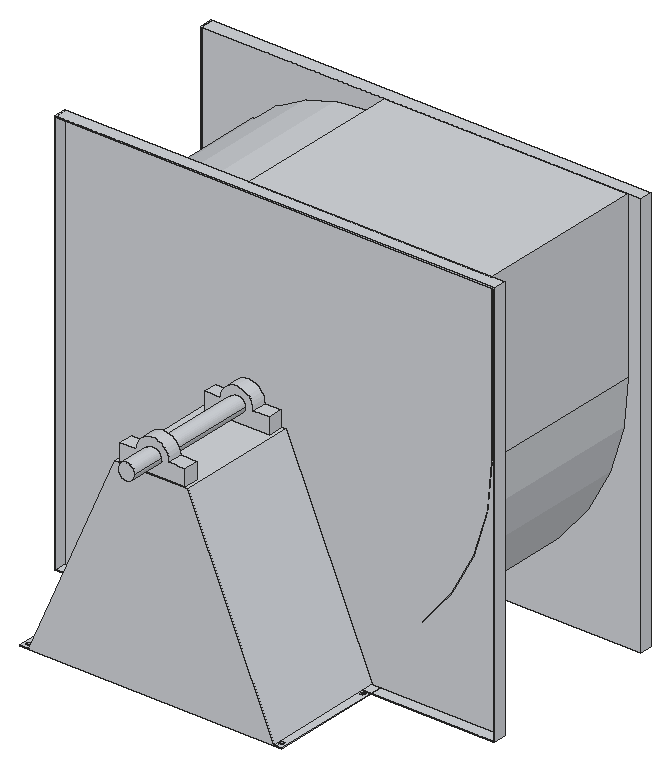
Revit family "CA-4_SWSI_ARR_1_CCW_UBD", category Mechanical Equipment, Revit 2019
Family settings
  Round Connector Dimension = Use Radius
  Part Type = Normal
  Work Plane-Based = No
  Always vertical = Yes
  Cut with Voids When Loaded = No
  Shared = No
  Room Calculation Point = No
Parameters (values of type "540_CA-4_SWSI_ARR_1_CCW_UBD_CLASS_3")
  S = 29"
  R = 44 3/4"
  P = 22 3/8"
  O/2 = O / 2  # 17/32"
  O = 1 1/16"
  ModelID [instance] = ""
  H = 46 1/2"
  E = 44 7/8"
  Accessories [instance] = ""
  ARR_1_U-D = ARR_1_U - D  # 34 3/8"
  ARR_1_K-D = ARR_1_K - D  # 27"
  ARR_1_J/2 = ARR_1_J / 2  # 1 31/32"
  ARR_1_J = 3 15/16"
  MOTOR_RAD = ARR_1_J * 3  # 11 13/16"
  M = 61 5/8"
  L = 9 1/2"
  K = 52 1/8"
  J = 3"
  INLET_RAD/2 = INLET_RAD / 2  # 15"
  INLET_RAD+1.5" = INLET_RAD + 1 1/2"  # 31 1/2"
  INLET_RAD = INLET_DIA / 2  # 30"
  INLET_DIA = 60"
  F-E = F - E  # 61 3/4"
  F/5 = F / 5  # 21.325"
  F = 106 5/8"
  G = 98 3/4"
  Unit Weight [instance] = ""
  Sones [instance] = ""
  Motor RPM [instance] = ""
  Motor Enclosure [instance] = ""
  LwA [instance] = ""
  Fan RPM [instance] = ""
  E-(INLET_RAD+1.5") = G - H - (INLET_RAD + 1 1/2")  # 20 3/4"
  E+(INLET_RAD+1.5") = G - H + (INLET_RAD + 1 1/2")  # 83 3/4"
  G-H = G - H  # 52 1/4"
  D-((D-B)/2) = D - ((D - B) / 2)  # 44 1/4"
  D = 47 1/4"
  B = 41 1/4"
  ARR_2_L-ARR_2_K = ARR_2_L - ARR_2_K  # 26 7/8"
  ARR_2_L = 34 3/8"
  ARR_2_K = 7 1/2"
  ARR_1_V = 7 1/2"
  ARR_1_U = 81 5/8"
  ARR_1_N = 24 9/16"
  ARR_1_M = 1 1/4"
  ARR_1_K = 74 1/4"
  ARR_1_H = 30 3/4"
  ARR_1_G = 31 3/4"
  A = 59 1/16"
  3" = 3"  # constant formula
  Brake Hp [instance] = ""
  4" = 4"  # constant formula
  2ARR_1_J+1" = ARR_1_J + ARR_1_J + 1"  # 8 7/8"
  2ARR_1_J = ARR_1_J + ARR_1_J  # 7 7/8"
  2' = 24"
  2" = 2"  # constant formula
  1" = 1"  # constant formula
  0 = 0"  # constant formula
  Voltage [instance] = 0 V
  URL = "www.lorencook.com"
  Type Comments = "Airfoil Centrifugal Blower Arrangement 1 Counter-Clockwise Up Blast Discharge"  # constant formula
  Static Pressure [instance] = 0.00 in-wg
  Power [instance] = Voltage * Motor FLA * sqrt(if(Phase = 3, 3, 1))  # 0 VA
  Phase [instance] = 0
  Number of Poles [instance] = 1
  Motor Hp [instance] = "0"
  Motor FLA [instance] = 0 A
  Model = "CA-4 SWSI ARR 1 CCW UBD CLASS 3"
  Manufacturer = "Loren Cook Company"
  CFM [instance] = 0 CFM
  1.5 = 1 1/2"  # constant formula
  ONE EIGTH = 1/8"  # constant formula
  -ARR_1_J = -ARR_1_J  # -3 15/16"
  -(ARR_2_L - ARR_2_K) = -(ARR_2_L - ARR_2_K)  # -26 7/8"
  -(((K-B)/2)-.125") = -(((K - B) / 2) - 1/8")  # -5 5/16"
  -(((D - B) / 2) - 1/8") = -(((D - B) / 2) - 1/8")  # -2 7/8"
  (R-B)/2 = (R - B) / 2  # 1 3/4"
  ((K-B)/2)+B = ((K - B) / 2) + B  # 46 11/16"
  (D-B)/2 = (D - B) / 2  # 3"
  -(((K-B)/2)+L) = -(((K - B) / 2) + L)  # -14 15/16"
  ((D-B)/2)-.125" = ((D - B) / 2) - 1/8"  # 2 7/8"
Reference planes (in)
  plane 1 "Center (Front/Back)": y = 0
  plane 2: z = 0
  plane 3 "Center (Left/Right)": x = 0.40541
Forms (in)
  Extrusion 1, solid
    sketch origin (0, 0, 0) x (1, 0, 0) y (0, 0, 1)
      loop
        line (-44.46959, 0) -> (62.15541, 0) -> (62.15541, 98.75) -> (-44.46959, 98.75) -> (-44.46959, 0)
    from 0 to 3 <- "(D-B)/2"
  Extrusion 2, solid
    sketch origin (0, 0, 0) x (1, 0, 0) y (0, 0, 1)
      loop
        line (-44.46959, 98.75) -> (-44.46959, 0) -> (62.15541, 0) -> (62.15541, 98.75) -> (-44.46959, 98.75)
    from 47.25 <- "D" to 44.25 <- "D-((D-B)/2)"
  Extrusion 3, void
    sketch origin (0, 0, 0) x (1, 0, 0) y (0, 0, 1)
      loop
        line (-44.34459, 98.625) -> (-44.34459, 0.125) -> (62.03041, 0.125) -> (62.03041, 98.625) -> (-44.34459, 98.625)
    from 0 to 2.875 <- "((D-B)/2)-.125""
  Extrusion 4, void
    sketch origin (0, -47.25, 0) x (-1, 0, 0) y (0, 0, 1)
      loop
        line (44.34459, 98.625) -> (-62.03041, 98.625) -> (-62.03041, 0.125) -> (44.34459, 0.125) -> (44.34459, 98.625)
    from 0 to 2.875 <- "((D-B)/2)-.125""
  Extrusion 5, solid
    sketch origin (0, -3, 0) x (1, 0, 0) y (0, 0, 1)
      loop
        line (0.09291, 94.8125) -> (-3.84459, 94.8125)
        arc (-3.84459, 94.8125) -> (-31.86369, 83.20661) -> (-43.46959, 55.1875) r 39.625
        line (-43.46959, 55.1875) -> (-43.46959, 43.875)
        arc (-43.46959, 43.875) -> (-30.91179, 13.5578) -> (-0.59459, 1) r 42.875
        line (-0.59459, 1) -> (1.40541, 1)
        arc (1.40541, 1) -> (42.24083, 17.91458) -> (59.15541, 58.75) r 57.75
        line (59.15541, 58.75) -> (59.15541, 98.75) -> (0.09291, 98.75) -> (0.09291, 94.8125)
    from 0 to 41.25 <- "B"
  Extrusion 6, solid
    sketch origin (0, -47.25, 0) x (1, 0, 0) y (0, 0, 1)
      loop
        circle (0.40541, 52.25) r 1.96875
    from -2.875 <- "-(((D - B) / 2) - 1/8")" to 34.375 <- "ARR_1_U-D"
  Extrusion 7, void
    sketch origin (0, 0, 0) x (1, 0, 0) y (0, 1, 0)
      loop
        circle (-28.59459, -1.25) r 0.53125
      loop
        circle (29.40541, -1.25) r 0.53125
      loop
        circle (29.40541, -46) r 0.53125
      loop
        circle (-28.59459, -46) r 0.53125
    from -0.25 to 0.25
  Revolve 8, void
    sketch origin (0.40541, 0, 0) x (0, 1, 0) y (0, 0, 1)
      loop
        arc (-2.875, 82.25) -> (-7.2684, 71.6434) -> (-17.875, 67.25) r 15
        line (-17.875, 67.25) -> (-17.875, 54.21875) -> (-2.875, 54.21875) -> (-2.875, 82.25)
      axis (-17.875, 52.25) -> (-2.875, 52.25)
    angle from 0 to 360
  Extrusion 9, solid
    sketch origin (0, -47.25, 0) x (1, 0, 0) y (0, 0, 1)
      loop
        line (-31.34459, 0) -> (32.15541, 0) -> (32.15541, 0.125) -> (30.15541, 0.125) -> (9.28041, 48.3125) -> (-8.46959, 48.3125) -> (-29.34459, 0.125) -> (-31.34459, 0.125) -> (-31.34459, 0)
    from -2.875 <- "-(((D - B) / 2) - 1/8")" to 27 <- "ARR_1_K-D"
  Extrusion 10, solid
    sketch origin (0, -74.25, 0) x (1, 0, 0) y (0, 0, 1)
      loop
        line (-7.46959, 48.3125) -> (8.28041, 48.3125) -> (8.28041, 52.25) -> (4.34291, 52.25)
        arc (4.34291, 52.25) -> (0.40541, 56.1875) -> (-3.53209, 52.25) r 3.9375
        line (-3.53209, 52.25) -> (-7.46959, 52.25) -> (-7.46959, 48.3125)
      loop
        circle (0.40541, 52.25) r 1.96875
    from -3.9375 <- "-ARR_1_J" to -0.5
  Extrusion 11, solid
    sketch origin (0, -44.25, 0) x (-1, 0, 0) y (0, 0, 1)
      loop
        line (7.46959, 52.25) -> (3.53209, 52.25)
        arc (3.53209, 52.25) -> (-0.40541, 56.1875) -> (-4.34291, 52.25) r 3.9375
        line (-4.34291, 52.25) -> (-8.28041, 52.25) -> (-8.28041, 48.3125) -> (7.46959, 48.3125) -> (7.46959, 52.25)
      loop
        circle (-0.40541, 52.25) r 1.96875
    from -0.5 to -3.9375 <- "-ARR_1_J"
  Extrusion 12, void
    sketch origin (0, 0, 0) x (1, 0, 0) y (0, 1, 0)
      loop
        circle (31.15541, -48.4375) r 0.53125
      loop
        circle (31.15541, -73) r 0.53125
      loop
        circle (-30.34459, -73) r 0.53125
      loop
        circle (-30.34459, -48.4375) r 0.53125
    from 0.25 to -0.25
Cuts and joins
  Extrusion 3, Extrusion 7, Revolve 8 cuts Extrusion 1
  Extrusion 4, Extrusion 7 cuts Extrusion 2
  Revolve 8 cuts Extrusion 5
  Extrusion 12 cuts Extrusion 9
Dimensions and locks (in)
  "0": Extrusion 1 sketch curve to level
  "G": Extrusion 1 sketch curve to Extrusion 1 sketch curve
  "F-E": Extrusion 1 sketch curve to plane 3 "Center (Left/Right)"
  "F": Extrusion 1 sketch curve to Extrusion 1 sketch curve
  "0": Extrusion 2 sketch curve to level
  "0": Extrusion 1 to Extrusion 2 sketch curve  (x2)
  "0": Extrusion 2 sketch curve to Extrusion 1
  "ONE EIGTH": Extrusion 2 to Extrusion 3 sketch curve  (x2)
  "ONE EIGTH": Extrusion 3 sketch curve to Extrusion 2
  "ONE EIGTH": Extrusion 3 sketch curve to level
  "ONE EIGTH": Extrusion 4 sketch curve to Extrusion 2  (x2)
  "ONE EIGTH": Extrusion 2 to Extrusion 4 sketch curve
  "ONE EIGTH": Extrusion 4 sketch curve to level
  "G-H": Extrusion 6 sketch curve to level
  "0": Extrusion 6 sketch curve to plane 3 "Center (Left/Right)"
  "S": Extrusion 7 sketch curve to plane 3 "Center (Left/Right)"  (x2)
  "S": plane 3 "Center (Left/Right)" to Extrusion 7 sketch curve  (x2)
  "(R-B)/2": cut or joined group of Extrusion 1, Extrusion 3, Extrusion 7, Revolve 8 to Extrusion 7 sketch curve  (x2)
  "(R-B)/2": cut or joined group of Extrusion 2, Extrusion 4, Extrusion 7 to Extrusion 7 sketch curve  (x2)
  "G-H": Revolve 8 sketch curve to level
  "ARR_1_J/2": Revolve 8 sketch curve to Revolve 8 sketch curve
  "INLET_RAD/2": Revolve 8 sketch curve to Revolve 8 sketch curve  (x2)
  "INLET_RAD": Revolve 8 sketch curve to Revolve 8 sketch curve
  "0": Revolve 8 sketch curve to cut or joined group of Extrusion 1, Extrusion 3, Extrusion 7, Revolve 8
  "ARR_1_G": Extrusion 9 sketch curve to plane 3 "Center (Left/Right)"
  "ARR_1_G": plane 3 "Center (Left/Right)" to Extrusion 9 sketch curve
  "2ARR_1_J+1"": Extrusion 9 sketch curve to plane 3 "Center (Left/Right)"
  "2ARR_1_J+1"": plane 3 "Center (Left/Right)" to Extrusion 9 sketch curve
  "2"": Extrusion 9 sketch curve to Extrusion 9 sketch curve  (x2)
  "0": Extrusion 9 sketch curve to level
  "ONE EIGTH": Extrusion 9 sketch curve to Extrusion 9 sketch curve  (x2)
  "ARR_1_J/2": Extrusion 6 to Extrusion 9 sketch curve
  "2ARR_1_J": Extrusion 10 sketch curve to plane 3 "Center (Left/Right)"
  "2ARR_1_J": plane 3 "Center (Left/Right)" to Extrusion 10 sketch curve
  "0": Extrusion 10 sketch curve to Extrusion 9
  "ARR_1_J": Extrusion 10 sketch curve to Extrusion 10 sketch curve
  "0": Extrusion 10 sketch curve to plane 3 "Center (Left/Right)"
  "0": plane 3 "Center (Left/Right)" to Extrusion 10 sketch curve
  "0": Extrusion 10 sketch curve to Extrusion 10 sketch curve
  "0": Extrusion 11 sketch curve to Extrusion 9
  "ARR_1_J": Extrusion 11 sketch curve to Extrusion 11 sketch curve  (x2)
  "0": Extrusion 11 sketch curve to Extrusion 11 sketch curve
  "2ARR_1_J": plane 3 "Center (Left/Right)" to Extrusion 11 sketch curve
  "2ARR_1_J": Extrusion 11 sketch curve to plane 3 "Center (Left/Right)"
  "0": Extrusion 11 sketch curve to plane 3 "Center (Left/Right)"
  "0": plane 3 "Center (Left/Right)" to Extrusion 11 sketch curve
  "0": Extrusion 11 sketch curve to Extrusion 10
  "ARR_1_H": plane 3 "Center (Left/Right)" to Extrusion 12 sketch curve  (x2)
  "ARR_1_H": Extrusion 12 sketch curve to plane 3 "Center (Left/Right)"  (x2)
  "ARR_1_M": Extrusion 9 to Extrusion 12 sketch curve  (x2)
  "ARR_1_N": Extrusion 12 sketch curve to Extrusion 12 sketch curve  (x2)
  "A": Extrusion 5 sketch curve to Extrusion 5 sketch curve
  "J": cut or joined group of Extrusion 2, Extrusion 4, Extrusion 7 to Extrusion 5 sketch curve
  "1"": Extrusion 5 sketch curve to cut or joined group of Extrusion 2, Extrusion 4, Extrusion 7
  "1"": Extrusion 5 sketch curve to level
  "ARR_1_J": Extrusion 5 sketch curve to Extrusion 5 sketch curve  (x2)
  "0": cut or joined group of Extrusion 2, Extrusion 4, Extrusion 7 to Extrusion 5 sketch curve
  "1"": Extrusion 5 sketch curve to plane 3 "Center (Left/Right)"
  "1"": plane 3 "Center (Left/Right)" to Extrusion 5 sketch curve
  "ARR_1_J/2": radius of Extrusion 6 sketch curve
  "O/2": radius of Extrusion 7 sketch curve  (x4)
  "ARR_1_J": radius of Extrusion 10 sketch curve
  "ARR_1_J/2": radius of Extrusion 10 sketch curve
  "ARR_1_J": radius of Extrusion 11 sketch curve
  "ARR_1_J/2": radius of Extrusion 11 sketch curve
  "O/2": radius of Extrusion 12 sketch curve  (x4)
Automatic sketch dimensions
  Revolve 8 sketch curve to Revolve 8 sketch curve = 53.38466"
  Revolve 8 sketch curve to plane 1 "Center (Front/Back)" = 17.32447"
Connectors (in)
  hvac at (0.40541, -3, 52.25), driven by "CFM", driven by "INLET_RAD"
    settings: on cut or joined group of Extrusion 1, Extrusion 3, Extrusion 7, Revolve 8, index 2, duct flow 0 CFM, flow factor 0, pres drop 0.00 in-wg, loss coef 0, conn angle 0.00°, conn width 12", conn height 12", conn diameter 60", duct sys type 29, conn prof type 0, flow config 0, flow direction 1, loss method 0, conn ref index -1, conn util no, is conn primary no, conn desc ""
  hvac at (29.62416, -23.625, 98.75), driven by "CFM", driven by "A", driven by "B"
    settings: on cut or joined group of Extrusion 5, Revolve 8, index 3, duct flow 0 CFM, flow factor 0, pres drop 0.00 in-wg, loss coef 0, conn angle 0.00°, conn width 41 1/4", conn height 59 1/16", conn diameter 24", duct sys type 29, conn prof type 1, flow config 0, flow direction 2, loss method 0, conn ref index -1, conn util no, is conn primary yes, conn desc ""
Types (55): name | S | R | P | O/2 | O | H | E | ARR_1_U-D | ARR_1_K-D | ARR_1_J/2 | ARR_1_J | MOTOR_RAD | M | L | K | J | INLET_RAD/2 | INLET_RAD+1.5" | INLET_RAD | INLET_DIA | F-E | F/5 | F | G | E-(INLET_RAD+1.5") | E+(INLET_RAD+1.5") | G-H | D-((D-B)/2) | D | B | ARR_2_L-ARR_2_K | ARR_2_L | ARR_2_K | ARR_1_V | ARR_1_U | ARR_1_N | ARR_1_M | ARR_1_K | ARR_1_H | ARR_1_G | A | 2ARR_1_J+1" | 2ARR_1_J | Model | -ARR_1_J | -(ARR_2_L - ARR_2_K) | -(((K-B)/2)-.125") | -(((D - B) / 2) - 1/8") | (R-B)/2 | ((K-B)/2)+B | (D-B)/2 | -(((K-B)/2)+L) | ((D-B)/2)-.125"
  (no name) | 29" | 44 3/4" | 22 3/8" | 17/32" | 1 1/16" | 46 1/2" | 44 7/8" | 34 3/8" | 27" | 1 31/32" | 3 15/16" | 11 13/16" | 61 5/8" | 9 1/2" | 52 1/8" | 3" | 15" | 31 1/2" | 30" | 60" | 61 3/4" | 21.325" | 106 5/8" | 98 3/4" | 20 3/4" | 83 3/4" | 52 1/4" | 44 1/4" | 47 1/4" | 41 1/4" | 26 7/8" | 34 3/8" | 7 1/2" | 7 1/2" | 81 5/8" | 24 9/16" | 1 1/4" | 74 1/4" | 30 3/4" | 31 3/4" | 59 1/16" | 8 7/8" | 7 7/8" | "CA-4 SWSI ARR 1 CCW UBD CLASS 3" | -3 15/16" | -26 7/8" | -5 5/16" | -2 7/8" | 1 3/4" | 46 11/16" | 3" | -14 15/16" | 2 7/8"
  120_CA-4_SWSI_ARR_1_CCW_UBD_CLASS_1 | 7 1/2" | 11 7/16" | 5 23/32" | 11/32" | 11/16" | 10 3/8" | 10 3/4" | 21 5/8" | 17 5/8" | 19/32" | 1 3/16" | 3 9/16" | 18 7/8" | 3" | 15 7/8" | 2" | 4 1/16" | 9 5/8" | 8 1/8" | 16 1/4" | 15" | 5.15" | 25 3/4" | 22 3/4" | 2 3/4" | 22" | 12 3/8" | 11 3/16" | 13 3/16" | 9 3/16" | 17 5/8" | 21 5/8" | 4" | 4" | 34 13/16" | 15 1/8" | 1" | 30 13/16" | 8 7/16" | 9 3/16" | 13 1/8" | 3 3/8" | 2 3/8" | "CA-4 SWSI ARR 1 CCW UBD CLASS 1" | -1 3/16" | -17 5/8" | -3 7/32" | -1 7/8" | 1 1/8" | 12 17/32" | 2" | -6 11/32" | 1 7/8"
  135_CA-4_SWSI_ARR_1_CCW_UBD_CLASS_1 | 8 1/2" | 12 9/16" | 6 9/32" | 11/32" | 11/16" | 11 5/8" | 12" | 21 5/8" | 17 5/8" | 19/32" | 1 3/16" | 3 9/16" | 20" | 3" | 17" | 2" | 4 7/16" | 10 3/8" | 8 7/8" | 17 3/4" | 16 3/4" | 5 3/4" | 28 3/4" | 25 1/2" | 3 1/2" | 24 1/4" | 13 7/8" | 12 5/16" | 14 5/16" | 10 5/16" | 17 5/8" | 21 5/8" | 4" | 4" | 35 15/16" | 15 1/8" | 1" | 31 15/16" | 9 3/16" | 9 15/16" | 14 3/4" | 3 3/8" | 2 3/8" | "CA-4 SWSI ARR 1 CCW UBD CLASS 1" | -1 3/16" | -17 5/8" | -3 7/32" | -1 7/8" | 1 1/8" | 13 21/32" | 2" | -6 11/32" | 1 7/8"
  150_CA-4_SWSI_ARR_1_CCW_UBD_CLASS_1 | 9" | 13 11/16" | 6 27/32" | 11/32" | 11/16" | 12 7/8" | 13 1/4" | 21 5/8" | 17 5/8" | 19/32" | 1 3/16" | 3 9/16" | 21 1/8" | 3" | 18 1/8" | 2" | 4 13/16" | 11 1/8" | 9 5/8" | 19 1/4" | 18 3/8" | 6.325" | 31 5/8" | 28 1/8" | 4 1/8" | 26 3/8" | 15 1/4" | 13 7/16" | 15 7/16" | 11 7/16" | 17 5/8" | 21 5/8" | 4" | 4" | 37 1/16" | 15 1/8" | 1" | 33 1/16" | 9 15/16" | 10 11/16" | 16 7/16" | 3 3/8" | 2 3/8" | "CA-4 SWSI ARR 1 CCW UBD CLASS 1" | -1 3/16" | -17 5/8" | -3 7/32" | -1 7/8" | 1 1/8" | 14 25/32" | 2" | -6 11/32" | 1 7/8"
  165_CA-4_SWSI_ARR_1_CCW_UBD_CLASS_1 | 10" | 14 7/8" | 7 7/16" | 11/32" | 11/16" | 14 1/4" | 14 3/8" | 21 5/8" | 17 5/8" | 19/32" | 1 3/16" | 3 9/16" | 23 15/16" | 4" | 19 5/16" | 2" | 5 5/16" | 12 1/8" | 10 5/8" | 21 1/4" | 20" | 6 7/8" | 34 3/8" | 30 7/8" | 4 1/2" | 28 3/4" | 16 5/8" | 14 5/8" | 16 5/8" | 12 5/8" | 17 5/8" | 21 5/8" | 4" | 4" | 38 1/4" | 15 1/8" | 1" | 34 1/4" | 10 15/16" | 11 11/16" | 18 1/16" | 3 3/8" | 2 3/8" | "CA-4 SWSI ARR 1 CCW UBD CLASS 1" | -1 3/16" | -17 5/8" | -3 7/32" | -1 7/8" | 1 1/8" | 15 31/32" | 2" | -7 11/32" | 1 7/8"
  180_CA-4_SWSI_ARR_1_CCW_UBD_CLASS_1 | 11" | 16" | 8" | 11/32" | 11/16" | 15 1/2" | 15 5/8" | 24 3/8" | 20 1/8" | 19/32" | 1 3/16" | 3 9/16" | 24 15/16" | 4 1/2" | 20 7/16" | 2" | 5 11/16" | 12 7/8" | 11 3/8" | 22 3/4" | 21 1/2" | 7.425" | 37 1/8" | 33 5/8" | 5 1/4" | 31" | 18 1/8" | 15 3/4" | 17 3/4" | 13 3/4" | 20 1/8" | 24 3/8" | 4 1/4" | 4 1/4" | 42 1/8" | 17 5/8" | 1" | 37 7/8" | 11 11/16" | 12 7/16" | 19 11/16" | 3 3/8" | 2 3/8" | "CA-4 SWSI ARR 1 CCW UBD CLASS 1" | -1 3/16" | -20 1/8" | -3 7/32" | -1 7/8" | 1 1/8" | 17 3/32" | 2" | -7 27/32" | 1 7/8"
  195_CA-4_SWSI_ARR_1_CCW_UBD_CLASS_1 | 11 1/2" | 17 3/16" | 8 19/32" | 11/32" | 11/16" | 16 3/4" | 16 3/4" | 24 3/8" | 20 1/8" | 19/32" | 1 3/16" | 3 9/16" | 27 3/16" | 4 1/2" | 22 11/16" | 2" | 6 1/16" | 13 5/8" | 12 1/8" | 24 1/4" | 23 1/4" | 8" | 40" | 36 1/4" | 5 7/8" | 33 1/8" | 19 1/2" | 16 15/16" | 18 15/16" | 14 15/16" | 20 1/8" | 24 3/8" | 4 1/4" | 4 1/4" | 43 5/16" | 17 5/8" | 1" | 39 1/16" | 12 7/16" | 13 3/16" | 21 5/16" | 3 3/8" | 2 3/8" | "CA-4 SWSI ARR 1 CCW UBD CLASS 1" | -1 3/16" | -20 1/8" | -3 3/4" | -1 7/8" | 1 1/8" | 18 13/16" | 2" | -8 3/8" | 1 7/8"
  210_CA-4_SWSI_ARR_1_CCW_UBD_CLASS_1 | 12" | 18 5/16" | 9 5/32" | 13/32" | 13/16" | 18 1/8" | 18" | 26 3/8" | 22 1/8" | 23/32" | 1 7/16" | 4 5/16" | 28 13/16" | 5" | 23 13/16" | 2" | 6 1/2" | 14 1/2" | 13" | 26" | 24 7/8" | 8.575" | 42 7/8" | 39 1/8" | 6 1/2" | 35 1/2" | 21" | 18 1/16" | 20 1/16" | 16 1/16" | 23 1/8" | 27 3/8" | 4 1/4" | 4 1/4" | 46 7/16" | 19 9/16" | 1" | 42 3/16" | 13 5/16" | 14 1/16" | 23" | 3 7/8" | 2 7/8" | "CA-4 SWSI ARR 1 CCW UBD CLASS 1" | -1 7/16" | -23 1/8" | -3 3/4" | -1 7/8" | 1 1/8" | 19 15/16" | 2" | -8 7/8" | 1 7/8"
  225_CA-4_SWSI_ARR_1_CCW_UBD_CLASS_1 | 12 1/2" | 19 7/16" | 9 23/32" | 13/32" | 13/16" | 19 3/8" | 19 1/4" | 26 3/8" | 22 1/8" | 23/32" | 1 7/16" | 4 5/16" | 29 15/16" | 5" | 24 15/16" | 2" | 6 7/8" | 15 1/4" | 13 3/4" | 27 1/2" | 26 1/2" | 9.15" | 45 3/4" | 41 3/4" | 7 1/8" | 37 5/8" | 22 3/8" | 19 3/16" | 21 3/16" | 17 3/16" | 23 1/8" | 27 3/8" | 4 1/4" | 4 1/4" | 47 9/16" | 19 9/16" | 1" | 43 5/16" | 14 1/16" | 14 13/16" | 24 5/8" | 3 7/8" | 2 7/8" | "CA-4 SWSI ARR 1 CCW UBD CLASS 1" | -1 7/16" | -23 1/8" | -3 3/4" | -1 7/8" | 1 1/8" | 21 1/16" | 2" | -8 7/8" | 1 7/8"
  245_CA-4_SWSI_ARR_1_CCW_UBD_CLASS_1 | 13 1/2" | 21" | 10 1/2" | 13/32" | 13/16" | 21 1/8" | 20 7/8" | 27 13/16" | 22 5/8" | 27/32" | 1 11/16" | 5 1/16" | 32" | 5 1/2" | 26 1/2" | 2" | 7 3/8" | 16 1/4" | 14 3/4" | 29 1/2" | 28 5/8" | 9.9" | 49 1/2" | 45 3/8" | 8" | 40 1/2" | 24 1/4" | 20 3/4" | 22 3/4" | 18 3/4" | 22 9/16" | 27 13/16" | 5 1/4" | 5 1/4" | 50 9/16" | 20 1/8" | 1" | 45 3/8" | 15 1/16" | 15 13/16" | 26 13/16" | 4 3/8" | 3 3/8" | "CA-4 SWSI ARR 1 CCW UBD CLASS 1" | -1 11/16" | -22 9/16" | -3 3/4" | -1 7/8" | 1 1/8" | 22 5/8" | 2" | -9 3/8" | 1 7/8"
  270_CA-4_SWSI_ARR_1_CCW_UBD_CLASS_1 | 15" | 22 7/8" | 11 7/16" | 13/32" | 13/16" | 23 1/4" | 23 3/8" | 27 13/16" | 22 5/8" | 27/32" | 1 11/16" | 5 1/16" | 34 3/8" | 6" | 28 3/8" | 2" | 8" | 17 1/2" | 16" | 32" | 31 3/8" | 10.95" | 54 3/4" | 49 7/8" | 9 1/8" | 44 1/8" | 26 5/8" | 22 5/8" | 24 5/8" | 20 5/8" | 22 9/16" | 27 13/16" | 5 1/4" | 5 1/4" | 52 7/16" | 20 1/8" | 1" | 47 1/4" | 16 7/16" | 17 3/16" | 29 9/16" | 4 3/8" | 3 3/8" | "CA-4 SWSI ARR 1 CCW UBD CLASS 1" | -1 11/16" | -22 9/16" | -3 3/4" | -1 7/8" | 1 1/8" | 24 1/2" | 2" | -9 7/8" | 1 7/8"
  300_CA-4_SWSI_ARR_1_CCW_UBD_CLASS_1 | 16 1/2" | 25 3/16" | 12 19/32" | 13/32" | 13/16" | 25 7/8" | 25 3/8" | 30 3/4" | 24 7/8" | 31/32" | 1 15/16" | 5 13/16" | 37 3/16" | 6 1/2" | 30 11/16" | 2" | 8 3/4" | 19" | 17 1/2" | 35" | 34 5/8" | 12" | 60" | 55 3/8" | 10 1/2" | 48 1/2" | 29 1/2" | 24 15/16" | 26 15/16" | 22 15/16" | 24 7/8" | 30 3/4" | 5 7/8" | 5 7/8" | 57 11/16" | 22 3/8" | 1" | 51 13/16" | 17 15/16" | 18 11/16" | 32 13/16" | 4 7/8" | 3 7/8" | "CA-4 SWSI ARR 1 CCW UBD CLASS 1" | -1 15/16" | -24 7/8" | -3 3/4" | -1 7/8" | 1 1/8" | 26 13/16" | 2" | -10 3/8" | 1 7/8"
  330_CA-4_SWSI_ARR_1_CCW_UBD_CLASS_1 | 18" | 27 1/2" | 13 3/4" | 13/32" | 13/16" | 28 3/8" | 27 7/8" | 30 3/4" | 24 7/8" | 31/32" | 1 15/16" | 5 13/16" | 40" | 7" | 33" | 2" | 9 1/2" | 20 1/2" | 19" | 38" | 37 7/8" | 13.15" | 65 3/4" | 60 3/4" | 11 7/8" | 52 7/8" | 32 3/8" | 27 1/4" | 29 1/4" | 25 1/4" | 24 7/8" | 30 3/4" | 5 7/8" | 5 7/8" | 60" | 22 3/8" | 1" | 54 1/8" | 19 7/16" | 20 3/16" | 36 1/8" | 4 7/8" | 3 7/8" | "CA-4 SWSI ARR 1 CCW UBD CLASS 1" | -1 15/16" | -24 7/8" | -3 3/4" | -1 7/8" | 1 1/8" | 29 1/8" | 2" | -10 7/8" | 1 7/8"
  365_CA-4_SWSI_ARR_1_CCW_UBD_CLASS_1 | 20" | 30 1/8" | 15 1/16" | 13/32" | 13/16" | 31 3/8" | 30 5/8" | 33" | 27 1/8" | 1 3/32" | 2 3/16" | 6 9/16" | 43 1/8" | 7 1/2" | 35 5/8" | 2" | 10 3/8" | 22 1/4" | 20 3/4" | 41 1/2" | 41 3/4" | 14.475" | 72 3/8" | 67" | 13 3/8" | 57 7/8" | 35 5/8" | 29 7/8" | 31 7/8" | 27 7/8" | 27 1/8" | 33" | 5 7/8" | 5 7/8" | 64 7/8" | 24 5/8" | 1" | 59" | 21 11/16" | 22 7/16" | 39 15/16" | 5 3/8" | 4 3/8" | "CA-4 SWSI ARR 1 CCW UBD CLASS 1" | -2 3/16" | -27 1/8" | -3 3/4" | -1 7/8" | 1 1/8" | 31 3/4" | 2" | -11 3/8" | 1 7/8"
  402_CA-4_SWSI_ARR_1_CCW_UBD_CLASS_1 | 22" | 34 1/4" | 17 1/8" | 17/32" | 1 1/16" | 34 5/8" | 33 5/8" | 31 5/16" | 26 3/16" | 1 3/32" | 2 3/16" | 6 9/16" | 46 5/8" | 8" | 38 5/8" | 3" | 11 5/16" | 24 1/8" | 22 5/8" | 45 1/4" | 46 3/4" | 16.075" | 80 3/8" | 73 7/8" | 15 1/8" | 63 3/8" | 39 1/4" | 33 3/4" | 36 3/4" | 30 3/4" | 25 7/16" | 31 5/16" | 5 7/8" | 5 7/8" | 68 1/16" | 23 13/16" | 1 1/4" | 62 15/16" | 22 3/8" | 24 3/8" | 44 1/16" | 5 3/8" | 4 3/8" | "CA-4 SWSI ARR 1 CCW UBD CLASS 1" | -2 3/16" | -25 7/16" | -3 13/16" | -2 7/8" | 1 3/4" | 34 11/16" | 3" | -11 15/16" | 2 7/8"
  445_CA-4_SWSI_ARR_1_CCW_UBD_CLASS_1 | 24" | 37 1/2" | 18 3/4" | 17/32" | 1 1/16" | 38 1/4" | 37 1/8" | 33 1/16" | 26 15/16" | 1 7/32" | 2 7/16" | 7 5/16" | 50 3/8" | 8 1/2" | 41 7/8" | 3" | 12 3/8" | 26 1/4" | 24 3/4" | 49 1/2" | 51 3/8" | 17.7" | 88 1/2" | 81 1/2" | 17" | 69 1/2" | 43 1/4" | 37" | 40" | 34" | 26 11/16" | 33 1/16" | 6 3/8" | 6 3/8" | 73 1/16" | 24 9/16" | 1 1/4" | 66 15/16" | 25 1/2" | 26 1/2" | 48 11/16" | 5 7/8" | 4 7/8" | "CA-4 SWSI ARR 1 CCW UBD CLASS 1" | -2 7/16" | -26 11/16" | -3 13/16" | -2 7/8" | 1 3/4" | 37 15/16" | 3" | -12 7/16" | 2 7/8"
  490_CA-4_SWSI_ARR_1_CCW_UBD_CLASS_1 | 26 1/2" | 40 15/16" | 20 15/32" | 17/32" | 1 1/16" | 42 1/4" | 40 3/4" | 33 1/16" | 26 15/16" | 1 7/32" | 2 7/16" | 7 5/16" | 55 5/16" | 9" | 46 5/16" | 3" | 13 3/4" | 29" | 27 1/2" | 55" | 56 1/4" | 19.4" | 97" | 89 3/4" | 18 1/2" | 76 1/2" | 47 1/2" | 40 7/16" | 43 7/16" | 37 7/16" | 26 11/16" | 33 1/16" | 6 3/8" | 6 3/8" | 76 1/2" | 24 9/16" | 1 1/4" | 70 3/8" | 28 1/4" | 29 1/4" | 53 5/8" | 5 7/8" | 4 7/8" | "CA-4 SWSI ARR 1 CCW UBD CLASS 1" | -2 7/16" | -26 11/16" | -4 5/16" | -2 7/8" | 1 3/4" | 41 7/8" | 3" | -13 7/16" | 2 7/8"
  540_CA-4_SWSI_ARR_1_CCW_UBD_CLASS_1 | 29" | 44 3/4" | 22 3/8" | 17/32" | 1 1/16" | 46 1/2" | 44 7/8" | 34 3/8" | 27" | 1 15/32" | 2 15/16" | 8 13/16" | 61 5/8" | 9 1/2" | 52 1/8" | 3" | 15" | 31 1/2" | 30" | 60" | 61 3/4" | 21.325" | 106 5/8" | 98 3/4" | 20 3/4" | 83 3/4" | 52 1/4" | 44 1/4" | 47 1/4" | 41 1/4" | 26 7/8" | 34 3/8" | 7 1/2" | 7 1/2" | 81 5/8" | 24 9/16" | 1 1/4" | 74 1/4" | 30 3/4" | 31 3/4" | 59 1/16" | 6 7/8" | 5 7/8" | "CA-4 SWSI ARR 1 CCW UBD CLASS 1" | -2 15/16" | -26 7/8" | -5 5/16" | -2 7/8" | 1 3/4" | 46 11/16" | 3" | -14 15/16" | 2 7/8"
  600_CA-4_SWSI_ARR_1_CCW_UBD_CLASS_1 | 32" | 49 5/16" | 24 21/32" | 17/32" | 1 1/16" | 51 5/8" | 49 3/4" | 34 3/8" | 27" | 1 15/32" | 2 15/16" | 8 13/16" | 66 11/16" | 10" | 56 11/16" | 3" | 16 1/2" | 34 1/2" | 33" | 66" | 68 1/4" | 23.6" | 118" | 109 5/8" | 23 1/2" | 92 1/2" | 58" | 48 13/16" | 51 13/16" | 45 13/16" | 26 7/8" | 34 3/8" | 7 1/2" | 7 1/2" | 86 3/16" | 24 9/16" | 1 1/4" | 78 13/16" | 33 3/4" | 34 3/4" | 65 5/8" | 6 7/8" | 5 7/8" | "CA-4 SWSI ARR 1 CCW UBD CLASS 1" | -2 15/16" | -26 7/8" | -5 5/16" | -2 7/8" | 1 3/4" | 51 1/4" | 3" | -15 7/16" | 2 7/8"
  120_CA-4_SWSI_ARR_1_CCW_UBD_CLASS_2 | 7 1/2" | 11 7/16" | 5 23/32" | 11/32" | 11/16" | 10 3/8" | 10 3/4" | 21 5/8" | 17 5/8" | 23/32" | 1 7/16" | 4 5/16" | 18 7/8" | 3" | 15 7/8" | 2" | 4 1/16" | 9 5/8" | 8 1/8" | 16 1/4" | 15" | 5.15" | 25 3/4" | 22 3/4" | 2 3/4" | 22" | 12 3/8" | 11 3/16" | 13 3/16" | 9 3/16" | 17 5/8" | 21 5/8" | 4" | 4" | 34 13/16" | 15 1/8" | 1" | 30 13/16" | 8 7/16" | 9 3/16" | 13 1/8" | 3 7/8" | 2 7/8" | "CA-4 SWSI ARR 1 CCW UBD CLASS 2" | -1 7/16" | -17 5/8" | -3 7/32" | -1 7/8" | 1 1/8" | 12 17/32" | 2" | -6 11/32" | 1 7/8"
  120_CA-4_SWSI_ARR_1_CCW_UBD_CLASS_3 | 7 1/2" | 11 7/16" | 5 23/32" | 11/32" | 11/16" | 10 3/8" | 10 3/4" | 21 5/8" | 17 5/8" | 23/32" | 1 7/16" | 4 5/16" | 18 7/8" | 3" | 15 7/8" | 2" | 4 1/16" | 9 5/8" | 8 1/8" | 16 1/4" | 15" | 5.15" | 25 3/4" | 22 3/4" | 2 3/4" | 22" | 12 3/8" | 11 3/16" | 13 3/16" | 9 3/16" | 17 5/8" | 21 5/8" | 4" | 4" | 34 13/16" | 15 1/8" | 1" | 30 13/16" | 8 7/16" | 9 3/16" | 13 1/8" | 3 7/8" | 2 7/8" | "CA-4 SWSI ARR 1 CCW UBD CLASS 3" | -1 7/16" | -17 5/8" | -3 7/32" | -1 7/8" | 1 1/8" | 12 17/32" | 2" | -6 11/32" | 1 7/8"
  135_CA-4_SWSI_ARR_1_CCW_UBD_CLASS_2 | 8 1/2" | 12 9/16" | 6 9/32" | 11/32" | 11/16" | 11 5/8" | 12" | 21 5/8" | 17 5/8" | 23/32" | 1 7/16" | 4 5/16" | 20" | 3" | 17" | 2" | 4 7/16" | 10 3/8" | 8 7/8" | 17 3/4" | 16 3/4" | 5 3/4" | 28 3/4" | 25 1/2" | 3 1/2" | 24 1/4" | 13 7/8" | 12 5/16" | 14 5/16" | 10 5/16" | 17 5/8" | 21 5/8" | 4" | 4" | 35 15/16" | 15 1/8" | 1" | 31 15/16" | 9 3/16" | 9 15/16" | 14 3/4" | 3 7/8" | 2 7/8" | "CA-4 SWSI ARR 1 CCW UBD CLASS 2" | -1 7/16" | -17 5/8" | -3 7/32" | -1 7/8" | 1 1/8" | 13 21/32" | 2" | -6 11/32" | 1 7/8"
  135_CA-4_SWSI_ARR_1_CCW_UBD_CLASS_3 | 8 1/2" | 12 9/16" | 6 9/32" | 11/32" | 11/16" | 11 5/8" | 12" | 21 5/8" | 17 5/8" | 23/32" | 1 7/16" | 4 5/16" | 20" | 3" | 17" | 2" | 4 7/16" | 10 3/8" | 8 7/8" | 17 3/4" | 16 3/4" | 5 3/4" | 28 3/4" | 25 1/2" | 3 1/2" | 24 1/4" | 13 7/8" | 12 5/16" | 14 5/16" | 10 5/16" | 17 5/8" | 21 5/8" | 4" | 4" | 35 15/16" | 15 1/8" | 1" | 31 15/16" | 9 3/16" | 9 15/16" | 14 3/4" | 3 7/8" | 2 7/8" | "CA-4 SWSI ARR 1 CCW UBD CLASS 3" | -1 7/16" | -17 5/8" | -3 7/32" | -1 7/8" | 1 1/8" | 13 21/32" | 2" | -6 11/32" | 1 7/8"
  150_CA-4_SWSI_ARR_1_CCW_UBD_CLASS_2 | 9" | 13 11/16" | 6 27/32" | 11/32" | 11/16" | 12 7/8" | 13 1/4" | 21 5/8" | 17 5/8" | 23/32" | 1 7/16" | 4 5/16" | 21 1/8" | 3" | 18 1/8" | 2" | 4 13/16" | 11 1/8" | 9 5/8" | 19 1/4" | 18 3/8" | 6.325" | 31 5/8" | 28 1/8" | 4 1/8" | 26 3/8" | 15 1/4" | 13 7/16" | 15 7/16" | 11 7/16" | 17 5/8" | 21 5/8" | 4" | 4" | 37 1/16" | 15 1/8" | 1" | 33 1/16" | 9 15/16" | 10 11/16" | 16 7/16" | 3 7/8" | 2 7/8" | "CA-4 SWSI ARR 1 CCW UBD CLASS 2" | -1 7/16" | -17 5/8" | -3 7/32" | -1 7/8" | 1 1/8" | 14 25/32" | 2" | -6 11/32" | 1 7/8"
  150_CA-4_SWSI_ARR_1_CCW_UBD_CLASS_3 | 9" | 13 11/16" | 6 27/32" | 11/32" | 11/16" | 12 7/8" | 13 1/4" | 21 5/8" | 17 5/8" | 23/32" | 1 7/16" | 4 5/16" | 21 1/8" | 3" | 18 1/8" | 2" | 4 13/16" | 11 1/8" | 9 5/8" | 19 1/4" | 18 3/8" | 6.325" | 31 5/8" | 28 1/8" | 4 1/8" | 26 3/8" | 15 1/4" | 13 7/16" | 15 7/16" | 11 7/16" | 17 5/8" | 21 5/8" | 4" | 4" | 37 1/16" | 15 1/8" | 1" | 33 1/16" | 9 15/16" | 10 11/16" | 16 7/16" | 3 7/8" | 2 7/8" | "CA-4 SWSI ARR 1 CCW UBD CLASS 3" | -1 7/16" | -17 5/8" | -3 7/32" | -1 7/8" | 1 1/8" | 14 25/32" | 2" | -6 11/32" | 1 7/8"
  165_CA-4_SWSI_ARR_1_CCW_UBD_CLASS_2 | 10" | 14 7/8" | 7 7/16" | 11/32" | 11/16" | 14 1/4" | 14 3/8" | 21 5/8" | 17 5/8" | 23/32" | 1 7/16" | 4 5/16" | 23 15/16" | 4" | 19 5/16" | 2" | 5 5/16" | 12 1/8" | 10 5/8" | 21 1/4" | 20" | 6 7/8" | 34 3/8" | 30 7/8" | 4 1/2" | 28 3/4" | 16 5/8" | 14 5/8" | 16 5/8" | 12 5/8" | 17 5/8" | 21 5/8" | 4" | 4" | 38 1/4" | 15 1/8" | 1" | 34 1/4" | 10 15/16" | 11 11/16" | 18 1/16" | 3 7/8" | 2 7/8" | "CA-4 SWSI ARR 1 CCW UBD CLASS 2" | -1 7/16" | -17 5/8" | -3 7/32" | -1 7/8" | 1 1/8" | 15 31/32" | 2" | -7 11/32" | 1 7/8"
  165_CA-4_SWSI_ARR_1_CCW_UBD_CLASS_3 | 10" | 14 7/8" | 7 7/16" | 11/32" | 11/16" | 14 1/4" | 14 3/8" | 21 5/8" | 17 5/8" | 23/32" | 1 7/16" | 4 5/16" | 23 15/16" | 4" | 19 5/16" | 2" | 5 5/16" | 12 1/8" | 10 5/8" | 21 1/4" | 20" | 6 7/8" | 34 3/8" | 30 7/8" | 4 1/2" | 28 3/4" | 16 5/8" | 14 5/8" | 16 5/8" | 12 5/8" | 17 5/8" | 21 5/8" | 4" | 4" | 38 1/4" | 15 1/8" | 1" | 34 1/4" | 10 15/16" | 11 11/16" | 18 1/16" | 3 7/8" | 2 7/8" | "CA-4 SWSI ARR 1 CCW UBD CLASS 3" | -1 7/16" | -17 5/8" | -3 7/32" | -1 7/8" | 1 1/8" | 15 31/32" | 2" | -7 11/32" | 1 7/8"
  180_CA-4_SWSI_ARR_1_CCW_UBD_CLASS_2 | 11" | 16" | 8" | 11/32" | 11/16" | 15 1/2" | 15 5/8" | 24 3/8" | 20 1/8" | 23/32" | 1 7/16" | 4 5/16" | 24 15/16" | 4 1/2" | 20 7/16" | 2" | 5 11/16" | 12 7/8" | 11 3/8" | 22 3/4" | 21 1/2" | 7.425" | 37 1/8" | 33 5/8" | 5 1/4" | 31" | 18 1/8" | 15 3/4" | 17 3/4" | 13 3/4" | 20 1/8" | 24 3/8" | 4 1/4" | 4 1/4" | 42 1/8" | 17 5/8" | 1" | 37 7/8" | 11 11/16" | 12 7/16" | 19 11/16" | 3 7/8" | 2 7/8" | "CA-4 SWSI ARR 1 CCW UBD CLASS 2" | -1 7/16" | -20 1/8" | -3 7/32" | -1 7/8" | 1 1/8" | 17 3/32" | 2" | -7 27/32" | 1 7/8"
  180_CA-4_SWSI_ARR_1_CCW_UBD_CLASS_3 | 11" | 16" | 8" | 11/32" | 11/16" | 15 1/2" | 15 5/8" | 24 3/8" | 20 1/8" | 27/32" | 1 11/16" | 5 1/16" | 24 15/16" | 4 1/2" | 20 7/16" | 2" | 5 11/16" | 12 7/8" | 11 3/8" | 22 3/4" | 21 1/2" | 7.425" | 37 1/8" | 33 5/8" | 5 1/4" | 31" | 18 1/8" | 15 3/4" | 17 3/4" | 13 3/4" | 20 1/8" | 24 3/8" | 4 1/4" | 4 1/4" | 42 1/8" | 17 5/8" | 1" | 37 7/8" | 11 11/16" | 12 7/16" | 19 11/16" | 4 3/8" | 3 3/8" | "CA-4 SWSI ARR 1 CCW UBD CLASS 3" | -1 11/16" | -20 1/8" | -3 7/32" | -1 7/8" | 1 1/8" | 17 3/32" | 2" | -7 27/32" | 1 7/8"
  195_CA-4_SWSI_ARR_1_CCW_UBD_CLASS_2 | 11 1/2" | 17 3/16" | 8 19/32" | 11/32" | 11/16" | 16 3/4" | 16 3/4" | 24 3/8" | 20 1/8" | 23/32" | 1 7/16" | 4 5/16" | 27 3/16" | 4 1/2" | 22 11/16" | 2" | 6 1/16" | 13 5/8" | 12 1/8" | 24 1/4" | 23 1/4" | 8" | 40" | 36 1/4" | 5 7/8" | 33 1/8" | 19 1/2" | 16 15/16" | 18 15/16" | 14 15/16" | 20 1/8" | 24 3/8" | 4 1/4" | 4 1/4" | 43 5/16" | 17 5/8" | 1" | 39 1/16" | 12 7/16" | 13 3/16" | 21 5/16" | 3 7/8" | 2 7/8" | "CA-4 SWSI ARR 1 CCW UBD CLASS 2" | -1 7/16" | -20 1/8" | -3 3/4" | -1 7/8" | 1 1/8" | 18 13/16" | 2" | -8 3/8" | 1 7/8"
  195_CA-4_SWSI_ARR_1_CCW_UBD_CLASS_3 | 11 1/2" | 17 3/16" | 8 19/32" | 11/32" | 11/16" | 16 3/4" | 16 3/4" | 24 3/8" | 20 1/8" | 27/32" | 1 11/16" | 5 1/16" | 27 3/16" | 4 1/2" | 22 11/16" | 2" | 6 1/16" | 13 5/8" | 12 1/8" | 24 1/4" | 23 1/4" | 8" | 40" | 36 1/4" | 5 7/8" | 33 1/8" | 19 1/2" | 16 15/16" | 18 15/16" | 14 15/16" | 20 1/8" | 24 3/8" | 4 1/4" | 4 1/4" | 43 5/16" | 17 5/8" | 1" | 39 1/16" | 12 7/16" | 13 3/16" | 21 5/16" | 4 3/8" | 3 3/8" | "CA-4 SWSI ARR 1 CCW UBD CLASS 3" | -1 11/16" | -20 1/8" | -3 3/4" | -1 7/8" | 1 1/8" | 18 13/16" | 2" | -8 3/8" | 1 7/8"
  210_CA-4_SWSI_ARR_1_CCW_UBD_CLASS_3 | 12" | 18 5/16" | 9 5/32" | 13/32" | 13/16" | 18 1/8" | 18" | 26 3/8" | 22 1/8" | 31/32" | 1 15/16" | 5 13/16" | 28 13/16" | 5" | 23 13/16" | 2" | 6 1/2" | 14 1/2" | 13" | 26" | 24 7/8" | 8.575" | 42 7/8" | 39 1/8" | 6 1/2" | 35 1/2" | 21" | 18 1/16" | 20 1/16" | 16 1/16" | 23 1/8" | 27 3/8" | 4 1/4" | 4 1/4" | 46 7/16" | 19 9/16" | 1" | 42 3/16" | 13 5/16" | 14 1/16" | 23" | 4 7/8" | 3 7/8" | "CA-4 SWSI ARR 1 CCW UBD CLASS 3" | -1 15/16" | -23 1/8" | -3 3/4" | -1 7/8" | 1 1/8" | 19 15/16" | 2" | -8 7/8" | 1 7/8"
  210_CA-4_SWSI_ARR_1_CCW_UBD_CLASS_2 | 12" | 18 5/16" | 9 5/32" | 13/32" | 13/16" | 18 1/8" | 18" | 26 3/8" | 22 1/8" | 27/32" | 1 11/16" | 5 1/16" | 28 13/16" | 5" | 23 13/16" | 2" | 6 1/2" | 14 1/2" | 13" | 26" | 24 7/8" | 8.575" | 42 7/8" | 39 1/8" | 6 1/2" | 35 1/2" | 21" | 18 1/16" | 20 1/16" | 16 1/16" | 23 1/8" | 27 3/8" | 4 1/4" | 4 1/4" | 46 7/16" | 19 9/16" | 1" | 42 3/16" | 13 5/16" | 14 1/16" | 23" | 4 3/8" | 3 3/8" | "CA-4 SWSI ARR 1 CCW UBD CLASS 2" | -1 11/16" | -23 1/8" | -3 3/4" | -1 7/8" | 1 1/8" | 19 15/16" | 2" | -8 7/8" | 1 7/8"
  225_CA-4_SWSI_ARR_1_CCW_UBD_CLASS_2 | 12 1/2" | 19 7/16" | 9 23/32" | 13/32" | 13/16" | 19 3/8" | 19 1/4" | 26 3/8" | 22 1/8" | 27/32" | 1 11/16" | 5 1/16" | 29 15/16" | 5" | 24 15/16" | 2" | 6 7/8" | 15 1/4" | 13 3/4" | 27 1/2" | 26 1/2" | 9.15" | 45 3/4" | 41 3/4" | 7 1/8" | 37 5/8" | 22 3/8" | 19 3/16" | 21 3/16" | 17 3/16" | 23 1/8" | 27 3/8" | 4 1/4" | 4 1/4" | 47 9/16" | 19 9/16" | 1" | 43 5/16" | 14 1/16" | 14 13/16" | 24 5/8" | 4 3/8" | 3 3/8" | "CA-4 SWSI ARR 1 CCW UBD CLASS 2" | -1 11/16" | -23 1/8" | -3 3/4" | -1 7/8" | 1 1/8" | 21 1/16" | 2" | -8 7/8" | 1 7/8"
  225_CA-4_SWSI_ARR_1_CCW_UBD_CLASS_3 | 12 1/2" | 19 7/16" | 9 23/32" | 13/32" | 13/16" | 19 3/8" | 19 1/4" | 26 3/8" | 22 1/8" | 31/32" | 1 15/16" | 5 13/16" | 29 15/16" | 5" | 24 15/16" | 2" | 6 7/8" | 15 1/4" | 13 3/4" | 27 1/2" | 26 1/2" | 9.15" | 45 3/4" | 41 3/4" | 7 1/8" | 37 5/8" | 22 3/8" | 19 3/16" | 21 3/16" | 17 3/16" | 23 1/8" | 27 3/8" | 4 1/4" | 4 1/4" | 47 9/16" | 19 9/16" | 1" | 43 5/16" | 14 1/16" | 14 13/16" | 24 5/8" | 4 7/8" | 3 7/8" | "CA-4 SWSI ARR 1 CCW UBD CLASS 3" | -1 15/16" | -23 1/8" | -3 3/4" | -1 7/8" | 1 1/8" | 21 1/16" | 2" | -8 7/8" | 1 7/8"
  245_CA-4_SWSI_ARR_1_CCW_UBD_CLASS_2 | 13 1/2" | 21" | 10 1/2" | 13/32" | 13/16" | 21 1/8" | 20 7/8" | 27 13/16" | 22 5/8" | 31/32" | 1 15/16" | 5 13/16" | 32" | 5 1/2" | 26 1/2" | 2" | 7 3/8" | 16 1/4" | 14 3/4" | 29 1/2" | 28 5/8" | 9.9" | 49 1/2" | 45 3/8" | 8" | 40 1/2" | 24 1/4" | 20 3/4" | 22 3/4" | 18 3/4" | 22 9/16" | 27 13/16" | 5 1/4" | 5 1/4" | 50 9/16" | 20 1/8" | 1" | 45 3/8" | 15 1/16" | 15 13/16" | 26 13/16" | 4 7/8" | 3 7/8" | "CA-4 SWSI ARR 1 CCW UBD CLASS 2" | -1 15/16" | -22 9/16" | -3 3/4" | -1 7/8" | 1 1/8" | 22 5/8" | 2" | -9 3/8" | 1 7/8"
  245_CA-4_SWSI_ARR_1_CCW_UBD_CLASS_3 | 13 1/2" | 21" | 10 1/2" | 13/32" | 13/16" | 21 1/8" | 20 7/8" | 27 13/16" | 22 5/8" | 1 7/32" | 2 7/16" | 7 5/16" | 32" | 5 1/2" | 26 1/2" | 2" | 7 3/8" | 16 1/4" | 14 3/4" | 29 1/2" | 28 5/8" | 9.9" | 49 1/2" | 45 3/8" | 8" | 40 1/2" | 24 1/4" | 20 3/4" | 22 3/4" | 18 3/4" | 22 9/16" | 27 13/16" | 5 1/4" | 5 1/4" | 50 9/16" | 20 1/8" | 1" | 45 3/8" | 15 1/16" | 15 13/16" | 26 13/16" | 5 7/8" | 4 7/8" | "CA-4 SWSI ARR 1 CCW UBD CLASS 3" | -2 7/16" | -22 9/16" | -3 3/4" | -1 7/8" | 1 1/8" | 22 5/8" | 2" | -9 3/8" | 1 7/8"
  270_CA-4_SWSI_ARR_1_CCW_UBD_CLASS_2 | 15" | 22 7/8" | 11 7/16" | 13/32" | 13/16" | 23 1/4" | 23 3/8" | 27 13/16" | 22 5/8" | 31/32" | 1 15/16" | 5 13/16" | 34 3/8" | 6" | 28 3/8" | 2" | 8" | 17 1/2" | 16" | 32" | 31 3/8" | 10.95" | 54 3/4" | 49 7/8" | 9 1/8" | 44 1/8" | 26 5/8" | 22 5/8" | 24 5/8" | 20 5/8" | 22 9/16" | 27 13/16" | 5 1/4" | 5 1/4" | 52 7/16" | 20 1/8" | 1" | 47 1/4" | 16 7/16" | 17 3/16" | 29 9/16" | 4 7/8" | 3 7/8" | "CA-4 SWSI ARR 1 CCW UBD CLASS 2" | -1 15/16" | -22 9/16" | -3 3/4" | -1 7/8" | 1 1/8" | 24 1/2" | 2" | -9 7/8" | 1 7/8"
  270_CA-4_SWSI_ARR_1_CCW_UBD_CLASS_3 | 15" | 22 7/8" | 11 7/16" | 13/32" | 13/16" | 23 1/4" | 23 3/8" | 27 13/16" | 22 5/8" | 1 3/32" | 2 3/16" | 6 9/16" | 34 3/8" | 6" | 28 3/8" | 2" | 8" | 17 1/2" | 16" | 32" | 31 3/8" | 10.95" | 54 3/4" | 49 7/8" | 9 1/8" | 44 1/8" | 26 5/8" | 22 5/8" | 24 5/8" | 20 5/8" | 22 9/16" | 27 13/16" | 5 1/4" | 5 1/4" | 52 7/16" | 20 1/8" | 1" | 47 1/4" | 16 7/16" | 17 3/16" | 29 9/16" | 5 3/8" | 4 3/8" | "CA-4 SWSI ARR 1 CCW UBD CLASS 3" | -2 3/16" | -22 9/16" | -3 3/4" | -1 7/8" | 1 1/8" | 24 1/2" | 2" | -9 7/8" | 1 7/8"
  300_CA-4_SWSI_ARR_1_CCW_UBD_CLASS_2 | 16 1/2" | 25 3/16" | 12 19/32" | 13/32" | 13/16" | 25 7/8" | 25 3/8" | 30 3/4" | 24 7/8" | 1 3/32" | 2 3/16" | 6 9/16" | 37 3/16" | 6 1/2" | 30 11/16" | 2" | 8 3/4" | 19" | 17 1/2" | 35" | 34 5/8" | 12" | 60" | 55 3/8" | 10 1/2" | 48 1/2" | 29 1/2" | 24 15/16" | 26 15/16" | 22 15/16" | 24 7/8" | 30 3/4" | 5 7/8" | 5 7/8" | 57 11/16" | 22 3/8" | 1" | 51 13/16" | 17 15/16" | 18 11/16" | 32 13/16" | 5 3/8" | 4 3/8" | "CA-4 SWSI ARR 1 CCW UBD CLASS 2" | -2 3/16" | -24 7/8" | -3 3/4" | -1 7/8" | 1 1/8" | 26 13/16" | 2" | -10 3/8" | 1 7/8"
  300_CA-4_SWSI_ARR_1_CCW_UBD_CLASS_3 | 16 1/2" | 25 3/16" | 12 19/32" | 13/32" | 13/16" | 25 7/8" | 25 3/8" | 30 3/4" | 24 7/8" | 1 7/32" | 2 7/16" | 7 5/16" | 37 3/16" | 6 1/2" | 30 11/16" | 2" | 8 3/4" | 19" | 17 1/2" | 35" | 34 5/8" | 12" | 60" | 55 3/8" | 10 1/2" | 48 1/2" | 29 1/2" | 24 15/16" | 26 15/16" | 22 15/16" | 24 7/8" | 30 3/4" | 5 7/8" | 5 7/8" | 57 11/16" | 22 3/8" | 1" | 51 13/16" | 17 15/16" | 18 11/16" | 32 13/16" | 5 7/8" | 4 7/8" | "CA-4 SWSI ARR 1 CCW UBD CLASS 3" | -2 7/16" | -24 7/8" | -3 3/4" | -1 7/8" | 1 1/8" | 26 13/16" | 2" | -10 3/8" | 1 7/8"
  330_CA-4_SWSI_ARR_1_CCW_UBD_CLASS_2 | 18" | 27 1/2" | 13 3/4" | 13/32" | 13/16" | 28 3/8" | 27 7/8" | 30 3/4" | 24 7/8" | 1 3/32" | 2 3/16" | 6 9/16" | 40" | 7" | 33" | 2" | 9 1/2" | 20 1/2" | 19" | 38" | 37 7/8" | 13.15" | 65 3/4" | 60 3/4" | 11 7/8" | 52 7/8" | 32 3/8" | 27 1/4" | 29 1/4" | 25 1/4" | 24 7/8" | 30 3/4" | 5 7/8" | 5 7/8" | 60" | 22 3/8" | 1" | 54 1/8" | 19 7/16" | 20 3/16" | 36 1/8" | 5 3/8" | 4 3/8" | "CA-4 SWSI ARR 1 CCW UBD CLASS 2" | -2 3/16" | -24 7/8" | -3 3/4" | -1 7/8" | 1 1/8" | 29 1/8" | 2" | -10 7/8" | 1 7/8"
  330_CA-4_SWSI_ARR_1_CCW_UBD_CLASS_3 | 18" | 27 1/2" | 13 3/4" | 13/32" | 13/16" | 28 3/8" | 27 7/8" | 30 3/4" | 24 7/8" | 1 7/32" | 2 7/16" | 7 5/16" | 40" | 7" | 33" | 2" | 9 1/2" | 20 1/2" | 19" | 38" | 37 7/8" | 13.15" | 65 3/4" | 60 3/4" | 11 7/8" | 52 7/8" | 32 3/8" | 27 1/4" | 29 1/4" | 25 1/4" | 24 7/8" | 30 3/4" | 5 7/8" | 5 7/8" | 60" | 22 3/8" | 1" | 54 1/8" | 19 7/16" | 20 3/16" | 36 1/8" | 5 7/8" | 4 7/8" | "CA-4 SWSI ARR 1 CCW UBD CLASS 3" | -2 7/16" | -24 7/8" | -3 3/4" | -1 7/8" | 1 1/8" | 29 1/8" | 2" | -10 7/8" | 1 7/8"
  365_CA-4_SWSI_ARR_1_CCW_UBD_CLASS_2 | 20" | 30 1/8" | 15 1/16" | 13/32" | 13/16" | 31 3/8" | 30 5/8" | 33" | 27 1/8" | 1 7/32" | 2 7/16" | 7 5/16" | 43 1/8" | 7 1/2" | 35 5/8" | 2" | 10 3/8" | 22 1/4" | 20 3/4" | 41 1/2" | 41 3/4" | 14.475" | 72 3/8" | 67" | 13 3/8" | 57 7/8" | 35 5/8" | 29 7/8" | 31 7/8" | 27 7/8" | 27 1/8" | 33" | 5 7/8" | 5 7/8" | 64 7/8" | 24 5/8" | 1" | 59" | 21 11/16" | 22 7/16" | 39 15/16" | 5 7/8" | 4 7/8" | "CA-4 SWSI ARR 1 CCW UBD CLASS 2" | -2 7/16" | -27 1/8" | -3 3/4" | -1 7/8" | 1 1/8" | 31 3/4" | 2" | -11 3/8" | 1 7/8"
  365_CA-4_SWSI_ARR_1_CCW_UBD_CLASS_3 | 20" | 30 1/8" | 15 1/16" | 13/32" | 13/16" | 31 3/8" | 30 5/8" | 33" | 27 1/8" | 1 15/32" | 2 15/16" | 8 13/16" | 43 1/8" | 7 1/2" | 35 5/8" | 2" | 10 3/8" | 22 1/4" | 20 3/4" | 41 1/2" | 41 3/4" | 14.475" | 72 3/8" | 67" | 13 3/8" | 57 7/8" | 35 5/8" | 29 7/8" | 31 7/8" | 27 7/8" | 27 1/8" | 33" | 5 7/8" | 5 7/8" | 64 7/8" | 24 5/8" | 1" | 59" | 21 11/16" | 22 7/16" | 39 15/16" | 6 7/8" | 5 7/8" | "CA-4 SWSI ARR 1 CCW UBD CLASS 3" | -2 15/16" | -27 1/8" | -3 3/4" | -1 7/8" | 1 1/8" | 31 3/4" | 2" | -11 3/8" | 1 7/8"
  402_CA-4_SWSI_ARR_1_CCW_UBD_CLASS_2 | 22" | 34 1/4" | 17 1/8" | 17/32" | 1 1/16" | 34 5/8" | 33 5/8" | 31 5/16" | 26 3/16" | 1 7/32" | 2 7/16" | 7 5/16" | 46 5/8" | 8" | 38 5/8" | 3" | 11 5/16" | 24 1/8" | 22 5/8" | 45 1/4" | 46 3/4" | 16.075" | 80 3/8" | 73 7/8" | 15 1/8" | 63 3/8" | 39 1/4" | 33 3/4" | 36 3/4" | 30 3/4" | 25 7/16" | 31 5/16" | 5 7/8" | 5 7/8" | 68 1/16" | 23 13/16" | 1 1/4" | 62 15/16" | 22 3/8" | 24 3/8" | 44 1/16" | 5 7/8" | 4 7/8" | "CA-4 SWSI ARR 1 CCW UBD CLASS 2" | -2 7/16" | -25 7/16" | -3 13/16" | -2 7/8" | 1 3/4" | 34 11/16" | 3" | -11 15/16" | 2 7/8"
  402_CA-4_SWSI_ARR_1_CCW_UBD_CLASS_3 | 22" | 34 1/4" | 17 1/8" | 17/32" | 1 1/16" | 34 5/8" | 33 5/8" | 31 5/16" | 26 3/16" | 1 15/32" | 2 15/16" | 8 13/16" | 46 5/8" | 8" | 38 5/8" | 3" | 11 5/16" | 24 1/8" | 22 5/8" | 45 1/4" | 46 3/4" | 16.075" | 80 3/8" | 73 7/8" | 15 1/8" | 63 3/8" | 39 1/4" | 33 3/4" | 36 3/4" | 30 3/4" | 25 7/16" | 31 5/16" | 5 7/8" | 5 7/8" | 68 1/16" | 23 13/16" | 1 1/4" | 62 15/16" | 22 3/8" | 24 3/8" | 44 1/16" | 6 7/8" | 5 7/8" | "CA-4 SWSI ARR 1 CCW UBD CLASS 3" | -2 15/16" | -25 7/16" | -3 13/16" | -2 7/8" | 1 3/4" | 34 11/16" | 3" | -11 15/16" | 2 7/8"
  445_CA-4_SWSI_ARR_1_CCW_UBD_CLASS_2 | 24" | 37 1/2" | 18 3/4" | 17/32" | 1 1/16" | 38 1/4" | 37 1/8" | 33 1/16" | 26 15/16" | 1 15/32" | 2 15/16" | 8 13/16" | 50 3/8" | 8 1/2" | 41 7/8" | 3" | 12 3/8" | 26 1/4" | 24 3/4" | 49 1/2" | 51 3/8" | 17.7" | 88 1/2" | 81 1/2" | 17" | 69 1/2" | 43 1/4" | 37" | 40" | 34" | 26 11/16" | 33 1/16" | 6 3/8" | 6 3/8" | 73 1/16" | 24 9/16" | 1 1/4" | 66 15/16" | 25 1/2" | 26 1/2" | 48 11/16" | 6 7/8" | 5 7/8" | "CA-4 SWSI ARR 1 CCW UBD CLASS 2" | -2 15/16" | -26 11/16" | -3 13/16" | -2 7/8" | 1 3/4" | 37 15/16" | 3" | -12 7/16" | 2 7/8"
  445_CA-4_SWSI_ARR_1_CCW_UBD_CLASS_3 | 24" | 37 1/2" | 18 3/4" | 17/32" | 1 1/16" | 38 1/4" | 37 1/8" | 33 1/16" | 26 15/16" | 1 23/32" | 3 7/16" | 10 5/16" | 50 3/8" | 8 1/2" | 41 7/8" | 3" | 12 3/8" | 26 1/4" | 24 3/4" | 49 1/2" | 51 3/8" | 17.7" | 88 1/2" | 81 1/2" | 17" | 69 1/2" | 43 1/4" | 37" | 40" | 34" | 26 11/16" | 33 1/16" | 6 3/8" | 6 3/8" | 73 1/16" | 24 9/16" | 1 1/4" | 66 15/16" | 25 1/2" | 26 1/2" | 48 11/16" | 7 7/8" | 6 7/8" | "CA-4 SWSI ARR 1 CCW UBD CLASS 3" | -3 7/16" | -26 11/16" | -3 13/16" | -2 7/8" | 1 3/4" | 37 15/16" | 3" | -12 7/16" | 2 7/8"
  490_CA-4_SWSI_ARR_1_CCW_UBD_CLASS_2 | 26 1/2" | 40 15/16" | 20 15/32" | 17/32" | 1 1/16" | 42 1/4" | 40 3/4" | 33 1/16" | 26 15/16" | 1 15/32" | 2 15/16" | 8 13/16" | 55 5/16" | 9" | 46 5/16" | 3" | 13 3/4" | 29" | 27 1/2" | 55" | 56 1/4" | 19.4" | 97" | 89 3/4" | 18 1/2" | 76 1/2" | 47 1/2" | 40 7/16" | 43 7/16" | 37 7/16" | 26 11/16" | 33 1/16" | 6 3/8" | 6 3/8" | 76 1/2" | 24 9/16" | 1 1/4" | 70 3/8" | 28 1/4" | 29 1/4" | 53 5/8" | 6 7/8" | 5 7/8" | "CA-4 SWSI ARR 1 CCW UBD CLASS 2" | -2 15/16" | -26 11/16" | -4 5/16" | -2 7/8" | 1 3/4" | 41 7/8" | 3" | -13 7/16" | 2 7/8"
  490_CA-4_SWSI_ARR_1_CCW_UBD_CLASS_3 | 26 1/2" | 40 15/16" | 20 15/32" | 17/32" | 1 1/16" | 42 1/4" | 40 3/4" | 33 1/16" | 26 15/16" | 1 23/32" | 3 7/16" | 10 5/16" | 55 5/16" | 9" | 46 5/16" | 3" | 13 3/4" | 29" | 27 1/2" | 55" | 56 1/4" | 19.4" | 97" | 89 3/4" | 18 1/2" | 76 1/2" | 47 1/2" | 40 7/16" | 43 7/16" | 37 7/16" | 26 11/16" | 33 1/16" | 6 3/8" | 6 3/8" | 76 1/2" | 24 9/16" | 1 1/4" | 70 3/8" | 28 1/4" | 29 1/4" | 53 5/8" | 7 7/8" | 6 7/8" | "CA-4 SWSI ARR 1 CCW UBD CLASS 3" | -3 7/16" | -26 11/16" | -4 5/16" | -2 7/8" | 1 3/4" | 41 7/8" | 3" | -13 7/16" | 2 7/8"
  540_CA-4_SWSI_ARR_1_CCW_UBD_CLASS_2 | 29" | 44 3/4" | 22 3/8" | 17/32" | 1 1/16" | 46 1/2" | 44 7/8" | 34 3/8" | 27" | 1 23/32" | 3 7/16" | 10 5/16" | 61 5/8" | 9 1/2" | 52 1/8" | 3" | 15" | 31 1/2" | 30" | 60" | 61 3/4" | 21.325" | 106 5/8" | 98 3/4" | 20 3/4" | 83 3/4" | 52 1/4" | 44 1/4" | 47 1/4" | 41 1/4" | 26 7/8" | 34 3/8" | 7 1/2" | 7 1/2" | 81 5/8" | 24 9/16" | 1 1/4" | 74 1/4" | 30 3/4" | 31 3/4" | 59 1/16" | 7 7/8" | 6 7/8" | "CA-4 SWSI ARR 1 CCW UBD CLASS 2" | -3 7/16" | -26 7/8" | -5 5/16" | -2 7/8" | 1 3/4" | 46 11/16" | 3" | -14 15/16" | 2 7/8"
